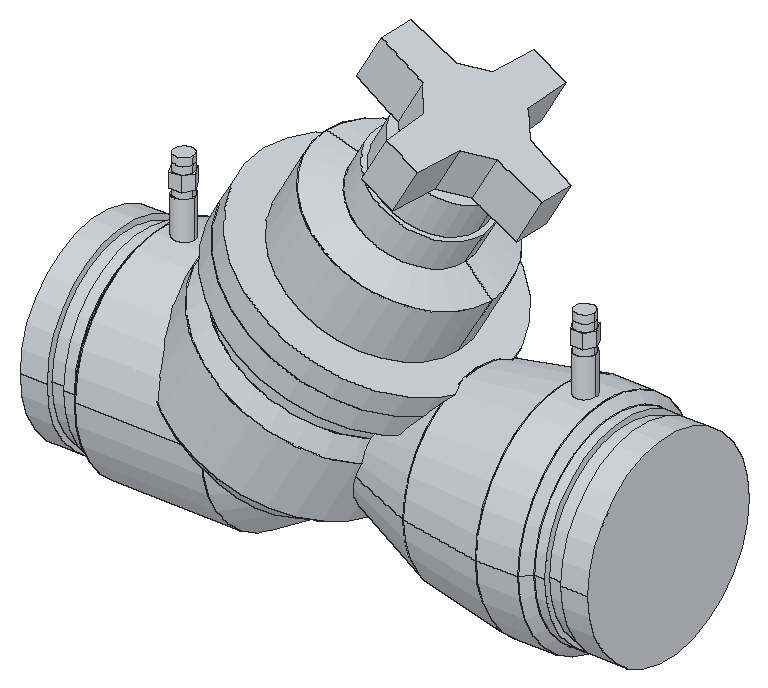
Revit family "447_d-DN125-RFA_2018", category Pipe Accessories, Revit 2018
Family settings
  Round Connector Dimension = Use Diameter
  Part Type = Valve - Breaks Into
  Work Plane-Based = No
  Always vertical = Yes
  Cut with Voids When Loaded = No
  Shared = No
Parameters (values of type "447_d-DN125")
  magiProductId = "5795ec580370482d8c46e49d975863"
  magiProductFamilyId = "eab8c084d85f47fc9aed3208e9defb"
  magiPartTypeId = 304
  isMeasuringValve [instance] = no
  ang2D [instance] = 0.00°
  W3 = 14.437 mm
  W2D = 100 mm
  W2 = 30.026 mm
  W1 = 12.736 mm
  VersionID = "2.0/2018.4.11.4/ZETKAMA_447_GROOVED_001"
  Use Minimum Symbol Size [instance] = yes
  URL = "www.hydronix.cz"
  Type Comments = "drážkový spoj; PN16; -10~+120°C;"
  R9 = 91.65 mm
  R8 = 38.775 mm
  R7 = 42.3 mm
  R6 = 84.6 mm
  R5 = 65 mm
  R4 = 38.775 mm
  R3 = 77.55 mm
  R2 = 66.975 mm
  R13 = 8.579 mm
  R12 = 6.714 mm
  R11 = 7.46 mm
  R1 = 70.5 mm
  R = 62.5 mm
  QmdConnectorList = "301;D;302;D"
  Productdata [instance] = ""
  Model = ""
  Manufacturer = "Hydronix"
  Maintenance Zone Under Depth [instance] = 71 mm
  Maintenance Zone Right Depth [instance] = 400 mm
  Maintenance Zone Over Depth [instance] = 260 mm
  Maintenance Zone Left Depth [instance] = 400 mm
  Maintenance Zone Front Depth [instance] = 130 mm
  Maintenance Zone Back Depth [instance] = 130 mm
  Maintenance Zone Front Visibility [instance] = no
  MC Product Code = "447 125 d (DN125; PN16 kvs280,0)"
  MC Piping Given Pressure Drop [instance] = 0.0 Pa
  L9 = 59.683 mm
  L8__ve = -L8  # -29.841 mm
  L8 = 29.841 mm
  L6 = 89.524 mm
  L5 = 5.714 mm
  L4__ve = -L4  # -7.619 mm
  L4 = 7.619 mm
  L3__ve = -L3  # -11.429 mm
  L3 = 11.429 mm
  L2__ve = -L2  # -19.048 mm
  L2D_Min = 3048 mm
  L2D = 350 mm
  L2 = 19.048 mm
  L13 = 14.921 mm
  L12 = 12.736 mm
  L11 = 14.437 mm
  L10 = 30.026 mm
  L1 = 200 mm
  KZ = 33.333 mm
  KL = 57.735 mm
  H9 = 7.005 mm
  H8 = 45.534 mm
  H7 = 17.513 mm
  H6 = 21.016 mm
  H5 = 14.01 mm
  H4 = 52.539 mm
  H17 = 10.4 mm
  H16 = 5.2 mm
  H15 = 103.55 mm
  H14 = 35.026 mm
  H13 = 26.269 mm
  H11 = 28.021 mm
  H10 = 24.518 mm
  Description = "Ruční vyvažovací ventil s drážkovým spojem"
  D = 125 mm
  CenSd_R13_6 = R13 * cos(30.00°)  # 7.43 mm
  Clearance Zone Height Depth [instance] = 260 mm
  Clearance Zone Circular Radius [instance] = 200 mm
  Clearance Zone Visibility [instance] = no
Types (10, lengths in mm): name | magiProductId | W3 | W2 | W1 | R9 | R8 | R7 | R6 | R5 | R4 | R3 | R2 | R13 | R12 | R11 | R1 | R | Maintenance Zone Under Depth | Maintenance Zone Right Depth | Maintenance Zone Over Depth | Maintenance Zone Left Depth | Maintenance Zone Front Depth | Maintenance Zone Back Depth | MC Product Code | L9 | L8__ve | L8 | L6 | L5 | L4__ve | L4 | L3__ve | L3 | L2__ve | L2 | L13 | L12 | L11 | L10 | L1 | KZ | KL | H9 | H8 | H7 | H6 | H5 | H4 | H17 | H16 | H15 | H14 | H13 | H11 | H10 | D | CenSd_R13_6 | Clearance Zone Height Depth | Clearance Zone Circular Radius
  447_d-DN100 | "e5a6bfdd9ca54003a0551f5d760c3c" | 14.437 | 30.026 | 12.736 | 74.1 | 31.35 | 34.2 | 68.4 | 65 | 31.35 | 62.7 | 54.15 | 7.507 | 5.875 | 6.528 | 57 | 50 | 57 | 350 | 240 | 350 | 130 | 130 | "447 100 d (DN100; PN16 kvs180,5)" | 52.222 | -26.111 | 26.111 | 78.333 | 5 | -6.667 | 6.667 | -10 | 10 | -16.667 | 16.667 | 13.056 | 12.736 | 14.437 | 30.026 | 175 | 29.167 | 50.518 | 6.389 | 41.531 | 15.973 | 19.168 | 12.779 | 47.92 | 9.6 | 4.8 | 86.7 | 31.947 | 23.96 | 25.557 | 22.363 | 100 | 6.501 | 240 | 175
  447_d-DN125 | "5795ec580370482d8c46e49d975863" | 14.437 | 30.026 | 12.736 | 91.65 | 38.775 | 42.3 | 84.6 | 65 | 38.775 | 77.55 | 66.975 | 8.579 | 6.714 | 7.46 | 70.5 | 62.5 | 71 | 400 | 260 | 400 | 130 | 130 | "447 125 d (DN125; PN16 kvs280,0)" | 59.683 | -29.841 | 29.841 | 89.524 | 5.714 | -7.619 | 7.619 | -11.429 | 11.429 | -19.048 | 19.048 | 14.921 | 12.736 | 14.437 | 30.026 | 200 | 33.333 | 57.735 | 7.005 | 45.534 | 17.513 | 21.016 | 14.01 | 52.539 | 10.4 | 5.2 | 103.55 | 35.026 | 26.269 | 28.021 | 24.518 | 125 | 7.43 | 260 | 200
  447_d-DN150 | "9b6b5ad10a674c51b522359e7e2d39" | 14.437 | 30.026 | 12.736 | 109.2 | 46.2 | 50.4 | 100.8 | 65 | 46.2 | 92.4 | 79.8 | 10.295 | 8.057 | 8.952 | 84 | 75 | 84 | 480 | 285 | 480 | 130 | 130 | "447 150 d (DN150; PN16 kvs383,4)" | 71.619 | -35.81 | 35.81 | 107.429 | 6.857 | -9.143 | 9.143 | -13.714 | 13.714 | -22.857 | 22.857 | 17.905 | 12.736 | 14.437 | 30.026 | 240 | 40 | 69.282 | 7.775 | 50.537 | 19.437 | 23.325 | 15.55 | 58.312 | 11.4 | 5.7 | 120.9 | 38.875 | 29.156 | 31.1 | 27.212 | 150 | 8.916 | 285 | 240
  447_d-DN200 | "f5a67fe5c2444fc986ed7f87b9a4ed" | 31.658 | 71.601 | 30.372 | 142.35 | 60.225 | 65.7 | 131.4 | 155 | 60.225 | 120.45 | 104.025 | 12.869 | 10.071 | 11.19 | 109.5 | 100 | 110 | 600 | 480 | 600 | 310 | 310 | "447 200 d (DN200; PN16 kvs710,0)" | 89.524 | -44.762 | 44.762 | 134.286 | 8.571 | -11.429 | 11.429 | -17.143 | 17.143 | -28.571 | 28.571 | 22.381 | 30.372 | 31.658 | 71.601 | 300 | 50 | 86.603 | 12.394 | 80.56 | 30.984 | 37.181 | 24.788 | 92.953 | 19.2 | 9.6 | 168.45 | 61.969 | 46.477 | 49.575 | 43.378 | 200 | 11.145 | 480 | 300
  447_d-DN250 | "7d63ae0d28f64990bc8ce3477101ef" | 31.658 | 71.601 | 30.372 | 177.45 | 75.075 | 81.9 | 163.8 | 155 | 75.075 | 150.15 | 129.675 | 15.657 | 12.254 | 13.615 | 136.5 | 125 | 137 | 730 | 525 | 730 | 310 | 310 | "447 250 d (DN250; PN16 kvs1187,5)" | 108.921 | -54.46 | 54.46 | 163.381 | 10.429 | -13.905 | 13.905 | -20.857 | 20.857 | -34.762 | 34.762 | 27.23 | 30.372 | 31.658 | 71.601 | 365 | 60.833 | 105.366 | 13.779 | 89.566 | 34.449 | 41.338 | 27.559 | 103.346 | 21 | 10.5 | 202.65 | 68.897 | 51.673 | 55.118 | 48.228 | 250 | 13.56 | 525 | 365
  447_d-DN300 | "0a2a34dba99a430aa7daf784d6b0c1" | 31.658 | 71.601 | 30.372 | 210.6 | 89.1 | 97.2 | 194.4 | 155 | 89.1 | 178.2 | 153.9 | 18.231 | 14.268 | 15.853 | 162 | 150 | 162 | 850 | 535 | 850 | 310 | 310 | "447 300 d (DN300; PN16 kvs1504,1)" | 126.825 | -63.413 | 63.413 | 190.238 | 12.143 | -16.19 | 16.19 | -24.286 | 24.286 | -40.476 | 40.476 | 31.706 | 30.372 | 31.658 | 71.601 | 425 | 70.833 | 122.687 | 14.087 | 91.568 | 35.218 | 42.262 | 28.175 | 105.655 | 21.4 | 10.7 | 231.7 | 70.437 | 52.828 | 56.349 | 49.306 | 300 | 15.789 | 535 | 425
  447_d-DN040 | "6dc4a6b5eb924103b02307904d600f" | 9.08 | 17.092 | 7.25 | 31.2 | 13.2 | 14.4 | 28.8 | 37 | 13.2 | 26.4 | 22.8 | 4.29 | 3.357 | 3.73 | 24 | 20 | 24 | 200 | 130 | 200 | 74 | 74 | "447 040 d (DN40; PN16 kvs22,36)" | 29.841 | -14.921 | 14.921 | 44.762 | 2.857 | -3.81 | 3.81 | -5.714 | 5.714 | -9.524 | 9.524 | 7.46 | 7.25 | 9.08 | 17.092 | 100 | 16.667 | 28.868 | 3.433 | 22.317 | 8.583 | 10.3 | 6.867 | 25.75 | 5.2 | 2.6 | 39.4 | 17.167 | 12.875 | 13.733 | 12.017 | 40 | 3.715 | 130 | 100
  447_d-DN050 | "b59a3d0ad4654cda90cee0c397c848" | 9.08 | 17.092 | 7.25 | 39 | 16.5 | 18 | 36 | 37 | 16.5 | 33 | 28.5 | 4.933 | 3.861 | 4.29 | 30 | 25 | 30 | 230 | 130 | 230 | 130 | 130 | "447 050 d (DN50; PN16 kvs32,15)" | 34.317 | -17.159 | 17.159 | 51.476 | 3.286 | -4.381 | 4.381 | -6.571 | 6.571 | -10.952 | 10.952 | 8.579 | 7.25 | 9.08 | 17.092 | 115 | 19.167 | 33.198 | 3.433 | 22.317 | 8.583 | 10.3 | 6.867 | 25.75 | 5.2 | 2.6 | 46 | 17.167 | 12.875 | 13.733 | 12.017 | 50 | 4.272 | 130 | 115
  447_d-DN065 | "356db372cd37496c9ff0d3ad255dc6" | 14.437 | 30.026 | 12.736 | 49.4 | 20.9 | 22.8 | 45.6 | 65 | 20.9 | 41.8 | 36.1 | 6.22 | 4.868 | 5.409 | 38 | 32.5 | 38 | 290 | 220 | 290 | 130 | 130 | "447 065 d (DN65; PN16 kvs83,3)" | 43.27 | -21.635 | 21.635 | 64.905 | 4.143 | -5.524 | 5.524 | -8.286 | 8.286 | -13.81 | 13.81 | 10.817 | 12.736 | 14.437 | 30.026 | 145 | 24.167 | 41.858 | 5.774 | 37.528 | 14.434 | 17.321 | 11.547 | 43.301 | 8.8 | 4.4 | 63.8 | 28.868 | 21.651 | 23.094 | 20.207 | 65 | 5.387 | 220 | 145
  447_d-DN080 | "f43aa02b4841429783243073d22ea7" | 14.437 | 30.026 | 12.736 | 57.85 | 24.475 | 26.7 | 53.4 | 65 | 24.475 | 48.95 | 42.275 | 6.649 | 5.204 | 5.782 | 44.5 | 40 | 45 | 310 | 220 | 310 | 130 | 130 | "447 080 d (DN80; PN16 kvs104,3)" | 46.254 | -23.127 | 23.127 | 69.381 | 4.429 | -5.905 | 5.905 | -8.857 | 8.857 | -14.762 | 14.762 | 11.563 | 12.736 | 14.437 | 30.026 | 155 | 25.833 | 44.745 | 5.774 | 37.528 | 14.434 | 17.321 | 11.547 | 43.301 | 8.8 | 4.4 | 70.95 | 28.868 | 21.651 | 23.094 | 20.207 | 80 | 5.758 | 220 | 155
Reference planes
  plane 1 "Center (Front/Back)": y = 0
  plane 2 "XYPLANE": z = 0
  plane 3 "Center (Left/Right)": x = 0
  plane 4 "159": y = 130
  plane 5 "158": y = -130
  plane 6 "157": z = -71
  plane 7 "156": z = 260
  plane 8 "155": x = -400
  plane 9 "154": x = 400
  plane 10 "132": z = 124.35
  plane 11 "125": z = 119.15
  plane 12 "120": z = 108.75
  plane 13 "119": z = 103.55
  plane 14 "112": x = 141.27
  plane 15 "111": x = -141.27
  plane 16 "109": y = -14.437
  plane 17 "108": y = 14.437
  plane 18 "105": through (336.03, 0, 672.018) normal (0.866, 0, -0.5)
  plane 19 "104": through (313.97, 0, 684.755) normal (0.866, 0, -0.5)
  plane 20 "103": y = -30.026
  plane 21 "102": y = -12.736
  plane 22 "101": y = 30.026
  plane 23 "100": y = 12.736
  plane 24 "99": through (312.497, 0, 685.605) normal (0.866, 0, -0.5)
  plane 25 "98": through (298.997, 0, 693.4) normal (0.866, 0, -0.5)
  plane 26 "97": through (337.503, 0, 671.168) normal (0.866, 0, -0.5)
  plane 27 "96": through (351.003, 0, 663.374) normal (0.866, 0, -0.5)
  plane 28 "95": y = -65
  plane 29 "94": y = 65
  plane 30 "93": through (381.292, 0, 645.887) normal (0.866, 0, -0.5)
  plane 31 "92": through (268.708, 0, 710.887) normal (0.866, 0, -0.5)
  plane 32 "88": x = 66.667
  plane 33 "87": x = 126.349
  plane 34 "81": through (-552.351, 0, 543.299) normal (0.5, 0, 0.866)
  plane 35 "80": through (-566.362, 0, 519.032) normal (0.5, 0, 0.866)
  plane 36 "75": through (-578.621, 0, 497.799) normal (0.5, 0, 0.866)
  plane 37 "72": through (-582.124, 0, 491.732) normal (0.5, 0, 0.866)
  plane 38 "68": through (-604.89, 0, 452.299) normal (0.5, 0, 0.866)
  plane 39 "67": through (-613.647, 0, 437.132) normal (0.5, 0, 0.866)
  plane 40 "62": through (-679.32, 0, 323.382) normal (0.5, 0, 0.866)
  plane 41 "61": through (-622.403, 0, 421.966) normal (0.5, 0, 0.866)
  plane 42 "58": through (-632.911, 0, 403.766) normal (0.5, 0, 0.866)
  plane 43 "56": through (-639.916, 0, 391.632) normal (0.5, 0, 0.866)
  plane 44 "51": y = 0
  plane 45 "49": through (325, 0, 678.387) normal (0.866, 0, -0.5)
  plane 46 "48": through (-666.186, 0, 346.132) normal (0.5, 0, 0.866)
  plane 47 "30": x = 156.19
  plane 48 "29": x = 161.905
  plane 49 "28": x = 169.524
  plane 50 "27": x = 180.952
  plane 51 "14": x = -66.667
  plane 52 "13": x = -156.19
  plane 53 "12": x = -161.905
  plane 54 "11": x = -169.524
  plane 55 "10": x = -180.952
  plane 56 "8": x = -200
  plane 57 "7": x = 200
  plane 58 "6": y = 0
  plane 59 "5": x = 0
  plane 60 "4": z = 0
  plane 61 "45XY": through (-649.519, 0, 375) normal (0.5, 0, 0.866)
  plane 62 "45XZ": y = 0
  plane 63 "45YZ": through (375, 0, 649.519) normal (0.866, 0, -0.5)
Forms (mm)
  Blend 1, solid, visible <- "Maintenance Zone Front Visibility"
    base sketch origin (-750, 0, -71) x (1, 0, 0) y (0, 1, 0)
      loop
        line (350, 130) -> (350, -130) -> (1150, -130) -> (1150, 130) -> (350, 130)
    top sketch origin (-750, 0, -71) x (1, 0, 0) y (0, 1, 0)
      loop
        line (350, 130) -> (350, -130) -> (1150, -130) -> (1150, 130) -> (350, 130)
    from 0 to 331
  Extrusion 2, solid, visible <- "Clearance Zone Visibility"
    sketch origin (-750, 0, 0) x (1, 0, 0) y (0, 1, 0)
      loop
        circle (750, 0) r 200
    from 0 to 260 <- "Clearance Zone Height Depth"
  Extrusion 3, solid
    sketch origin (-750, 0, 124.35) x (1, 0, 0) y (0, 1, 0)
      loop
        circle (891.27, 0) r 6.714
    from 0 to 5.2 <- "H16"
  Extrusion 4, solid
    sketch origin (-750, 0, 119.15) x (1, 0, 0) y (0, 1, 0)
      loop
        circle (891.27, 0) r 6.714
    from 0 to 5.2 <- "H16"
  Extrusion 5, solid
    sketch origin (-750, 0, 124.35) x (1, 0, 0) y (0, 1, 0)
      loop
        circle (608.73, 0) r 6.714
    from 0 to 5.2 <- "H16"
  Extrusion 6, solid
    sketch origin (-750, 0, 119.15) x (1, 0, 0) y (0, 1, 0)
      loop
        circle (608.73, 0) r 6.714
    from 0 to 5.2 <- "H16"
  Extrusion 7, solid
    sketch origin (-750, 0, 108.75) x (1, 0, 0) y (0, 1, 0)
      loop
        line (899.849, 0) -> (895.56, 7.43) -> (886.98, 7.43) -> (882.69, 0) -> (886.98, -7.43) -> (895.56, -7.43) -> (899.849, 0)
    from 0 to 10.4 <- "H17"
  Extrusion 8, solid
    sketch origin (-750, 0, 108.75) x (1, 0, 0) y (0, 1, 0)
      loop
        line (617.31, 0) -> (613.02, 7.43) -> (604.44, 7.43) -> (600.151, 0) -> (604.44, -7.43) -> (613.02, -7.43) -> (617.31, 0)
    from 0 to 10.4 <- "H17"
  Extrusion 9, solid
    sketch origin (-750, 0, 103.55) x (1, 0, 0) y (0, 1, 0)
      loop
        circle (891.27, 0) r 6.714
    from 0 to 5.2 <- "H16"
  Extrusion 10, solid
    sketch origin (-750, 0, 103.55) x (1, 0, 0) y (0, 1, 0)
      loop
        circle (608.73, 0) r 6.714
    from 0 to 5.2 <- "H16"
  Extrusion 11, solid
    sketch origin (-750, 0, 0) x (1, 0, 0) y (0, 1, 0)
      loop
        circle (891.27, 0) r 7.46
    from 0 to 103.55 <- "H15"
  Extrusion 12, solid
    sketch origin (-750, 0, 0) x (1, 0, 0) y (0, 1, 0)
      loop
        circle (608.73, 0) r 7.46
    from 0 to 103.55 <- "H15"
  Extrusion 13, solid
    sketch origin (-552.351, 0, 543.299) x (0.866025, 0, -0.5) y (0, 1, 0)
      loop
        line (627.265, 12.736) -> (627.265, -12.736) -> (662.239, -14.437) -> (677.828, -30.026) -> (679.528, -65) -> (705.001, -65) -> (706.702, -30.026) -> (722.291, -14.437) -> (757.265, -12.736) -> (757.265, 12.736) -> (722.291, 14.437) -> (706.702, 30.026) -> (705.001, 65) -> (679.528, 65) -> (677.828, 30.026) -> (662.239, 14.437) -> (627.265, 12.736)
    from 0 to 35.026 <- "H14"
  Blend 14, solid
    base sketch origin (126.349, -750, 0) x (0, 1, 0) y (0, 0, 1)
      loop
        circle (750, 0) r 77.55
    top sketch origin (126.349, -750, 0) x (0, 1, 0) y (0, 0, 1)
      loop
        circle (750, 0) r 66.975
    from 0 to -59.683
  Extrusion 15, solid
    sketch origin (-613.647, 0, 437.132) x (0.866025, 0, -0.5) y (0, 1, 0)
      loop
        circle (692.265, 0) r 91.65
    from 0 to 17.513 <- "H7"
  Extrusion 16, solid
    sketch origin (-622.403, 0, 421.966) x (0.866025, 0, -0.5) y (0, 1, 0)
      loop
        circle (692.265, 0) r 91.65
    from 0 to 17.513 <- "H7"
  Extrusion 17, solid
    sketch origin (-566.362, 0, 519.032) x (0.866025, 0, -0.5) y (0, 1, 0)
      loop
        circle (692.265, 0) r 38.775
    from 0 to 28.021 <- "H11"
  Blend 18, solid
    base sketch origin (-582.124, 0, 491.732) x (0.866025, 0, -0.5) y (0, 1, 0)
      loop
        circle (692.265, 0) r 66.975
    top sketch origin (-582.124, 0, 491.732) x (0.866025, 0, -0.5) y (0, 1, 0)
      loop
        circle (692.265, 0) r 42.3
    from 0 to 7.005
  Extrusion 19, solid
    sketch origin (-604.89, 0, 452.299) x (0.866025, 0, -0.5) y (0, 1, 0)
      loop
        circle (692.265, 0) r 66.975
    from 0 to 45.534 <- "H8"
  Extrusion 20, solid
    sketch origin (-578.621, 0, 497.799) x (0.866025, 0, -0.5) y (0, 1, 0)
      loop
        circle (692.265, 0) r 42.3
    from 0 to 24.518 <- "H10"
  Blend 21, solid
    base sketch origin (-666.186, 0, 346.132) x (0.866025, 0, -0.5) y (0, 1, 0)
      loop
        circle (692.265, 0) r 84.6
    top sketch origin (-666.186, 0, 346.132) x (0.866025, 0, -0.5) y (0, 1, 0)
      loop
        circle (692.265, 0) r 62.5
    from 0 to -26.269
  Extrusion 22, solid
    sketch origin (-632.911, 0, 403.766) x (0.866025, 0, -0.5) y (0, 1, 0)
      loop
        circle (692.265, 0) r 77.55
    from 0 to 21.016 <- "H6"
  Blend 23, solid
    base sketch origin (-639.916, 0, 391.632) x (0.866025, 0, -0.5) y (0, 1, 0)
      loop
        circle (692.265, 0) r 84.6
    top sketch origin (-639.916, 0, 391.632) x (0.866025, 0, -0.5) y (0, 1, 0)
      loop
        circle (692.265, 0) r 77.55
    from 0 to 14.01
  Extrusion 24, solid
    sketch origin (-666.186, 0, 346.132) x (0.866025, 0, -0.5) y (0, 1, 0)
      loop
        circle (692.265, 0) r 84.6
    from 0 to 52.539 <- "H4"
  Extrusion 25, solid
    sketch origin (200, -750, 0) x (0, 1, 0) y (0, 0, 1)
      loop
        circle (750, 0) r 70.5
    from 0 to -19.048 <- "L2__ve"
  Extrusion 26, solid
    sketch origin (180.952, -750, 0) x (0, 1, 0) y (0, 0, 1)
      loop
        circle (750, 0) r 66.975
    from 0 to -11.429 <- "L3__ve"
  Extrusion 27, solid
    sketch origin (169.524, -750, 0) x (0, 1, 0) y (0, 0, 1)
      loop
        circle (750, 0) r 70.5
    from 0 to -7.619 <- "L4__ve"
  Blend 28, solid
    base sketch origin (161.905, -750, 0) x (0, 1, 0) y (0, 0, 1)
      loop
        circle (750, 0) r 70.5
    top sketch origin (161.905, -750, 0) x (0, 1, 0) y (0, 0, 1)
      loop
        circle (750, 0) r 77.55
    from 0 to -5.714
  Extrusion 29, solid
    sketch origin (156.19, -750, 0) x (0, 1, 0) y (0, 0, 1)
      loop
        circle (750, 0) r 77.55
    from 0 to -29.841 <- "L8__ve"
  Blend 30, solid
    base sketch origin (66.667, -750, 0) x (0, 1, 0) y (0, 0, 1)
      loop
        circle (750, 0) r 66.975
    top sketch origin (66.667, -750, 0) x (0, 1, 0) y (0, 0, 1)
      loop
        circle (750, 0) r 38.775
    from 0 to -66.667
  Blend 31, solid
    base sketch origin (-66.667, -750, 0) x (0, 1, 0) y (0, 0, 1)
      loop
        circle (750, 0) r 77.55
    top sketch origin (-66.667, -750, 0) x (0, 1, 0) y (0, 0, 1)
      loop
        circle (750, 0) r 38.775
    from 0 to 66.667
  Extrusion 32, solid
    sketch origin (-156.19, -750, 0) x (0, 1, 0) y (0, 0, 1)
      loop
        circle (750, 0) r 77.55
    from 0 to 89.524 <- "L6"
  Blend 33, solid
    base sketch origin (-161.905, -750, 0) x (0, 1, 0) y (0, 0, 1)
      loop
        circle (750, 0) r 70.5
    top sketch origin (-161.905, -750, 0) x (0, 1, 0) y (0, 0, 1)
      loop
        circle (750, 0) r 77.55
    from 0 to 5.714
  Extrusion 34, solid
    sketch origin (-169.524, -750, 0) x (0, 1, 0) y (0, 0, 1)
      loop
        circle (750, 0) r 70.5
    from 0 to 7.619 <- "L4"
  Extrusion 35, solid
    sketch origin (-180.952, -750, 0) x (0, 1, 0) y (0, 0, 1)
      loop
        circle (750, 0) r 66.975
    from 0 to 11.429 <- "L3"
  Extrusion 36, solid
    sketch origin (-200, -750, 0) x (0, 1, 0) y (0, 0, 1)
      loop
        circle (750, 0) r 70.5
    from 0 to 19.048 <- "L2"
  Extrusion 37, solid, not visible
    sketch origin (-200, -750, 0) x (0, 1, 0) y (0, 0, 1)
      loop
        circle (750, 0) r 10
    from 0 to 10
  Extrusion 38, solid, not visible
    sketch origin (200, -750, 0) x (0, 1, 0) y (0, 0, 1)
      loop
        circle (750, 0) r 10
    from 0 to -10
Lines and regions (mm)
  reference lines, not visible
    curve 1: circle (2, 2, 0) r 1 normal (0, 0, 1)
  reference lines
    curve 2: line (141.27, 0, 108.75) -> (139.393, 3.251, 108.75)
    curve 3: line (141.27, 0, 108.75) -> (137.516, 0, 108.75)
    curve 4: line (141.27, 0, 108.75) -> (139.393, -3.251, 108.75)
    curve 5: line (-141.27, 0, 108.75) -> (-143.147, 3.251, 108.75)
    curve 6: line (-141.27, 0, 108.75) -> (-145.023, 0, 108.75)
    curve 7: line (-141.27, 0, 108.75) -> (-143.147, -3.251, 108.75)
Dimensions and locks
  plane 1 "Center (Front/Back)" to curve 1 = 2 mm
  "Maintenance Zone Back Depth": plane 1 "Center (Front/Back)" to plane 4 "159"
  "Maintenance Zone Front Depth": plane 1 "Center (Front/Back)" to plane 5 "158"
  "Maintenance Zone Under Depth": plane 2 "XYPLANE" to plane 6 "157"
  "Maintenance Zone Over Depth": plane 2 "XYPLANE" to plane 7 "156"
  "Maintenance Zone Left Depth": plane 3 "Center (Left/Right)" to plane 8 "155"
  "Maintenance Zone Right Depth": plane 3 "Center (Left/Right)" to plane 9 "154"
  "H16": plane 11 "125" to plane 10 "132"
  "H17": plane 12 "120" to plane 11 "125"
  "H16": plane 13 "119" to plane 12 "120"
  "H15": plane 2 "XYPLANE" to plane 13 "119"
  "L13": plane 47 "30" to plane 14 "112"
  "L13": plane 52 "13" to plane 15 "111"
  "W3": plane 44 "51" to plane 16 "109"
  "W3": plane 44 "51" to plane 17 "108"
  "L12": plane 45 "49" to plane 18 "105"
  "L12": plane 45 "49" to plane 19 "104"
  "W2": plane 58 "6" to plane 20 "103"
  "W1": plane 58 "6" to plane 21 "102"
  "W2": plane 58 "6" to plane 22 "101"
  "W1": plane 58 "6" to plane 23 "100"
  "L11": plane 45 "49" to plane 24 "99"
  "L10": plane 45 "49" to plane 25 "98"
  "L11": plane 45 "49" to plane 26 "97"
  "L10": plane 45 "49" to plane 27 "96"
  "R5": plane 58 "6" to plane 28 "95"
  "R5": plane 58 "6" to plane 29 "94"
  "R5": plane 45 "49" to plane 30 "93"
  "R5": plane 45 "49" to plane 31 "92"
  "L9": plane 33 "87" to plane 32 "88"
  "L8": plane 47 "30" to plane 33 "87"
  "H11": plane 35 "80" to plane 34 "81"
  "H10": plane 36 "75" to plane 35 "80"
  "H9": plane 37 "72" to plane 36 "75"
  "H8": plane 38 "68" to plane 37 "72"
  "H7": plane 39 "67" to plane 38 "68"
  "H7": plane 41 "61" to plane 39 "67"
  "H13": plane 46 "48" to plane 40 "62"
  "H6": plane 42 "58" to plane 41 "61"
  "H5": plane 43 "56" to plane 42 "58"
  "H4": plane 46 "48" to plane 43 "56"
  locked: plane 58 "6" to plane 44 "51"
  "KL": plane 63 "45YZ" to plane 45 "49"
  "KZ": plane 61 "45XY" to plane 46 "48"
  "L5": plane 48 "29" to plane 47 "30"
  "L4": plane 49 "28" to plane 48 "29"
  "L3": plane 50 "27" to plane 49 "28"
  "L2": plane 57 "7" to plane 50 "27"
  "L6": plane 52 "13" to plane 51 "14"
  "L5": plane 53 "12" to plane 52 "13"
  "L4": plane 54 "11" to plane 53 "12"
  "L3": plane 55 "10" to plane 54 "11"
  "L2": plane 56 "8" to plane 55 "10"
  "L1": plane 3 "Center (Left/Right)" to plane 56 "8"
  "L1": plane 3 "Center (Left/Right)" to plane 57 "7"
  locked: plane 1 "Center (Front/Back)" to plane 58 "6"
  locked: plane 3 "Center (Left/Right)" to plane 59 "5"
  locked: plane 2 "XYPLANE" to plane 60 "4"
  Blend 1 sketch curve to Blend 1 sketch curve = 0 mm  (x16)
  "CenSd_R13_6": curve 2 to Extrusion 7 sketch curve  (x2)
  "CenSd_R13_6": curve 3 to Extrusion 7 sketch curve  (x2)
  "CenSd_R13_6": curve 4 to Extrusion 7 sketch curve  (x2)
  Extrusion 7 sketch curve to Extrusion 7 sketch curve = 0 mm  (x12)
  "CenSd_R13_6": curve 5 to Extrusion 8 sketch curve  (x2)
  "CenSd_R13_6": curve 6 to Extrusion 8 sketch curve  (x2)
  "CenSd_R13_6": curve 7 to Extrusion 8 sketch curve  (x2)
  Extrusion 8 sketch curve to Extrusion 8 sketch curve = 0 mm  (x12)
  Extrusion 13 sketch curve to Extrusion 13 sketch curve = 0 mm  (x32)
  "Clearance Zone Circular Radius": radius of Extrusion 2 sketch curve
  "R12": radius of Extrusion 3 sketch curve
  "R12": radius of Extrusion 4 sketch curve
  "R12": radius of Extrusion 5 sketch curve
  "R12": radius of Extrusion 6 sketch curve
  "R12": radius of Extrusion 9 sketch curve
  "R12": radius of Extrusion 10 sketch curve
  "R11": radius of Extrusion 11 sketch curve
  "R11": radius of Extrusion 12 sketch curve
  "R2": radius of Blend 14 sketch curve
  "R3": radius of Blend 14 sketch curve
  "R9": radius of Extrusion 15 sketch curve
  "R9": radius of Extrusion 16 sketch curve
  "R8": radius of Extrusion 17 sketch curve
  "R7": radius of Blend 18 sketch curve
  "R2": radius of Blend 18 sketch curve
  "R2": radius of Extrusion 19 sketch curve
  "R7": radius of Extrusion 20 sketch curve
  "R": radius of Blend 21 sketch curve
  "R6": radius of Blend 21 sketch curve
  "R3": radius of Extrusion 22 sketch curve
  "R3": radius of Blend 23 sketch curve
  "R6": radius of Blend 23 sketch curve
  "R6": radius of Extrusion 24 sketch curve
  "R1": radius of Extrusion 25 sketch curve
  "R2": radius of Extrusion 26 sketch curve
  "R1": radius of Extrusion 27 sketch curve
  "R3": radius of Blend 28 sketch curve
  "R1": radius of Blend 28 sketch curve
  "R3": radius of Extrusion 29 sketch curve
  "R4": radius of Blend 30 sketch curve
  "R2": radius of Blend 30 sketch curve
  "R4": radius of Blend 31 sketch curve
  "R3": radius of Blend 31 sketch curve
  "R3": radius of Extrusion 32 sketch curve
  "R3": radius of Blend 33 sketch curve
  "R1": radius of Blend 33 sketch curve
  "R1": radius of Extrusion 34 sketch curve
  "R2": radius of Extrusion 35 sketch curve
  "R1": radius of Extrusion 36 sketch curve
  locked: curve 3 to curve 2 (angle 60.00°)
  locked: curve 4 to curve 3 (angle 60.00°)
  locked: curve 4 to curve 2 (angle 120.00°)
  locked: curve 6 to curve 5 (angle 60.00°)
  locked: curve 7 to curve 6 (angle 60.00°)
  locked: curve 7 to curve 5 (angle 120.00°)
  aligned and locked: level to plane 2 "XYPLANE"
  aligned and locked: Blend 1 sketch curve to plane 8 "155"  (x2)
  aligned and locked: plane 4 "159" to Blend 1 sketch curve  (x4)
  aligned and locked: plane 5 "158" to Blend 1 sketch curve  (x4)
  aligned and locked: plane 8 "155" to Blend 1 sketch curve  (x2)
  aligned and locked: plane 9 "154" to Blend 1 sketch curve  (x4)
  aligned and locked: plane 7 "156" to Blend 1
  aligned and locked: plane 58 "6" to Extrusion 2 sketch curve
  aligned and locked: plane 59 "5" to Extrusion 2 sketch curve
  aligned and locked: plane 14 "112" to Extrusion 3 sketch curve
  aligned and locked: plane 58 "6" to Extrusion 3 sketch curve
  aligned and locked: plane 14 "112" to Extrusion 4 sketch curve
  aligned and locked: plane 58 "6" to Extrusion 4 sketch curve
  aligned and locked: plane 15 "111" to Extrusion 5 sketch curve
  aligned and locked: plane 58 "6" to Extrusion 5 sketch curve
  aligned and locked: plane 15 "111" to Extrusion 6 sketch curve
  aligned and locked: plane 58 "6" to Extrusion 6 sketch curve
  aligned and locked: plane 14 "112" to curve 4
  aligned and locked: plane 58 "6" to curve 4
  aligned and locked: plane 15 "111" to curve 6
  aligned and locked: plane 58 "6" to curve 6
  aligned and locked: plane 14 "112" to Extrusion 9 sketch curve
  aligned and locked: plane 58 "6" to Extrusion 9 sketch curve
  aligned and locked: plane 15 "111" to Extrusion 10 sketch curve
  aligned and locked: plane 58 "6" to Extrusion 10 sketch curve
  aligned and locked: plane 14 "112" to Extrusion 11 sketch curve
  aligned and locked: plane 58 "6" to Extrusion 11 sketch curve
  aligned and locked: plane 15 "111" to Extrusion 12 sketch curve
  aligned and locked: plane 58 "6" to Extrusion 12 sketch curve
  aligned and locked: Extrusion 13 sketch curve to plane 31 "92"  (x2)
  aligned and locked: plane 23 "100" to Extrusion 13 sketch curve  (x2)
  aligned and locked: plane 21 "102" to Extrusion 13 sketch curve  (x2)
  aligned and locked: plane 16 "109" to Extrusion 13 sketch curve  (x2)
  aligned and locked: Extrusion 13 sketch curve to plane 25 "98"
  aligned and locked: plane 20 "103" to Extrusion 13 sketch curve  (x2)
  aligned and locked: Extrusion 13 sketch curve to plane 24 "99"
  aligned and locked: plane 28 "95" to Extrusion 13 sketch curve  (x2)
  aligned and locked: Extrusion 13 sketch curve to plane 19 "104"
  aligned and locked: Extrusion 13 sketch curve to plane 18 "105"
  aligned and locked: Extrusion 13 sketch curve to plane 26 "97"
  aligned and locked: Extrusion 13 sketch curve to plane 27 "96"
  aligned and locked: Extrusion 13 sketch curve to plane 30 "93"
  aligned and locked: plane 30 "93" to Extrusion 13 sketch curve
  aligned and locked: plane 17 "108" to Extrusion 13 sketch curve  (x2)
  aligned and locked: plane 27 "96" to Extrusion 13 sketch curve
  aligned and locked: plane 22 "101" to Extrusion 13 sketch curve  (x2)
  aligned and locked: plane 26 "97" to Extrusion 13 sketch curve
  aligned and locked: plane 18 "105" to Extrusion 13 sketch curve
  aligned and locked: plane 29 "94" to Extrusion 13 sketch curve  (x2)
  aligned and locked: plane 19 "104" to Extrusion 13 sketch curve
  aligned and locked: plane 24 "99" to Extrusion 13 sketch curve
  aligned and locked: plane 25 "98" to Extrusion 13 sketch curve
  aligned and locked: Blend 14 sketch curve to plane 58 "6"  (x2)
  aligned and locked: plane 60 "4" to Blend 14 sketch curve  (x2)
  aligned and locked: Blend 14 to plane 32 "88"
  aligned and locked: plane 44 "51" to Extrusion 15 sketch curve
  aligned and locked: Extrusion 15 sketch curve to plane 45 "49"
  aligned and locked: plane 44 "51" to Extrusion 16 sketch curve
  aligned and locked: Extrusion 16 sketch curve to plane 45 "49"
  aligned and locked: plane 44 "51" to Extrusion 17 sketch curve
  aligned and locked: Extrusion 17 sketch curve to plane 45 "49"
  aligned and locked: plane 44 "51" to Blend 18 sketch curve  (x2)
  aligned and locked: Blend 18 sketch curve to plane 45 "49"  (x2)
  aligned and locked: plane 36 "75" to Blend 18
  aligned and locked: plane 44 "51" to Extrusion 19 sketch curve
  aligned and locked: Extrusion 19 sketch curve to plane 45 "49"
  aligned and locked: plane 44 "51" to Extrusion 20 sketch curve
  aligned and locked: Extrusion 20 sketch curve to plane 45 "49"
  aligned and locked: plane 44 "51" to Blend 21 sketch curve  (x2)
  aligned and locked: Blend 21 sketch curve to plane 45 "49"  (x2)
  aligned and locked: Blend 21 to plane 40 "62"
  aligned and locked: plane 44 "51" to Extrusion 22 sketch curve
  aligned and locked: Extrusion 22 sketch curve to plane 45 "49"
  aligned and locked: plane 44 "51" to Blend 23 sketch curve  (x2)
  aligned and locked: Blend 23 sketch curve to plane 45 "49"  (x2)
  aligned and locked: plane 42 "58" to Blend 23
  aligned and locked: plane 44 "51" to Extrusion 24 sketch curve
  aligned and locked: Extrusion 24 sketch curve to plane 45 "49"
  aligned and locked: Extrusion 25 sketch curve to plane 58 "6"
  aligned and locked: plane 60 "4" to Extrusion 25 sketch curve
  aligned and locked: Extrusion 26 sketch curve to plane 58 "6"
  aligned and locked: plane 60 "4" to Extrusion 26 sketch curve
  aligned and locked: Extrusion 27 sketch curve to plane 58 "6"
  aligned and locked: plane 60 "4" to Extrusion 27 sketch curve
  aligned and locked: Blend 28 sketch curve to plane 58 "6"  (x2)
  aligned and locked: plane 60 "4" to Blend 28 sketch curve  (x2)
  aligned and locked: Blend 28 to plane 47 "30"
  aligned and locked: Extrusion 29 sketch curve to plane 58 "6"
  aligned and locked: plane 60 "4" to Extrusion 29 sketch curve
  aligned and locked: Blend 30 sketch curve to plane 58 "6"  (x2)
  aligned and locked: plane 60 "4" to Blend 30 sketch curve  (x2)
  aligned and locked: Blend 30 to plane 59 "5"
  aligned and locked: Blend 31 sketch curve to plane 58 "6"  (x2)
  aligned and locked: plane 60 "4" to Blend 31 sketch curve  (x2)
  aligned and locked: plane 59 "5" to Blend 31
  aligned and locked: Extrusion 32 sketch curve to plane 58 "6"
  aligned and locked: plane 60 "4" to Extrusion 32 sketch curve
  aligned and locked: Blend 33 sketch curve to plane 58 "6"  (x2)
  aligned and locked: plane 60 "4" to Blend 33 sketch curve  (x2)
  aligned and locked: plane 52 "13" to Blend 33
  aligned and locked: Extrusion 34 sketch curve to plane 58 "6"
  aligned and locked: plane 60 "4" to Extrusion 34 sketch curve
  aligned and locked: Extrusion 35 sketch curve to plane 58 "6"
  aligned and locked: plane 60 "4" to Extrusion 35 sketch curve
  aligned and locked: Extrusion 36 sketch curve to plane 58 "6"
  aligned and locked: plane 60 "4" to Extrusion 36 sketch curve
  aligned and locked: Extrusion 37 sketch curve to plane 58 "6"
  aligned and locked: plane 60 "4" to Extrusion 37 sketch curve
  aligned and locked: Extrusion 38 sketch curve to plane 58 "6"
  aligned and locked: plane 60 "4" to Extrusion 38 sketch curve
Automatic sketch dimensions
  plane 21 "102" to Extrusion 37 sketch curve = 2.736 mm
  plane 21 "102" to Extrusion 38 sketch curve = 2.736 mm
  plane 3 "Center (Left/Right)" to curve 1 = 2 mm
  radius of curve 1 = 1 mm
Connectors
  piping at (-200, 0, 0), diameter 125, driven by "D"
    settings: on Extrusion 37, index 1, connector inside diameter 609.6 mm, connector length 0 mm, flow factor 0, pipe flow 0.0 L/s, pressure drop 0.0 Pa, fitting loss kfactor 0, connector angle 0.00°, fixture units 0, engagement length 0 mm, angle of deflection 0.00°, flow configuration 0, flow direction 0, fitting loss method 0, system type 29, joint type 0, gender type 0, connector reference index 2, connector utility 0, adjustable connector no, is connector primary yes, connector description ""
  piping at (200, 0, 0), diameter 125, driven by "D"
    settings: on Extrusion 38, index 2, connector inside diameter 609.6 mm, connector length 0 mm, flow factor 0, pipe flow 0.0 L/s, pressure drop 0.0 Pa, fitting loss kfactor 0, connector angle 0.00°, fixture units 0, engagement length 0 mm, angle of deflection 0.00°, flow configuration 0, flow direction 0, fitting loss method 0, system type 29, joint type 0, gender type 0, connector reference index 1, connector utility 0, adjustable connector no, is connector primary no, connector description ""
